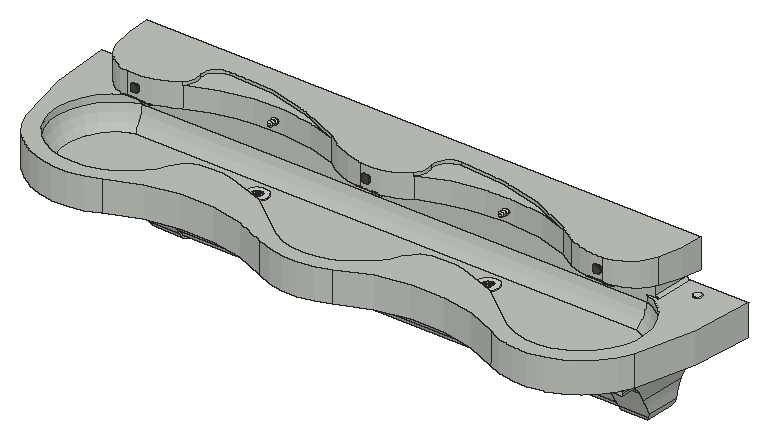
Revit family "Lavatory-Bradley_Corp-Express-MG3", category Plumbing Fixtures, Revit 2012
Parameters (values of type "TAS Pre-K 5-6 Height-BIR3-TMA")
  Width = 84.000"
  Water Supply = "Vernatherm Themostatic Mixing Assembly"
  Waste Connection Diameter = 1 1/2"
  Warranty Information = "Terreon® material warranted for ten years. All other components warranted for one year. ndite power management module and photovoltaic cells warranted for five years. This warranty does not cover installation or any other labor charges and does not apply to any units, which have been damaged by accident, abuse, improper installation, improper maintenance, or altered in any way."
  WFU = 0
  Voltage = 0 V
  Version = "2.0"
  Vent Connection = no
  URL = "http://www.bradleycorp.com/"
  Type Comments = "n/a"
  Technical Data = "n/a"
  Tap Material = Metal - Bradley Corp - Chrome
  Sprayhead = "Battery Operated Infrared"
  Specifications URL = "http://www.bradleycorp.com/3partspec"
  Solar Panel Visibility = no
  Soap Dispenser = yes
  Sensor Voltage = 0 V
  Sensor Power = 0 VA
  Rim Height = 30.000"
  Product Tech Data URL - Spanish = ""
  Product Tech Data URL - French = ""
  Product Tech Data URL - English = "http://bradleycorp.com/download/1067/1052.pdf"
  Power Factor = 0
  Percentage of Recycled Content = 0
  OmniClass Table 23 Title = "Sinks/Lavatories"
  OmniClass Table 23 Number = "23-31 13 00"
  OmniClass Table 21 Title = "Plumbing Fixtures"
  OmniClass Table 21 Number = "21-04 20 10 60"
  Number of Poles = 1
  Modeling Code = "n/a"
  Model = "MG-3"
  Material Note = "Other Terreon® colors available - see www.bradleycorp.com"
  MasterFormat Title = "Commerical Lavatories and Sinks"
  MasterFormat Number = "22 42 16"
  Manufacturer = "Bradley Corporation"
  Low Emitting Material = yes
  LEED Credit = ""
  Installation Type = "Wall Mounted"
  Industry Standards = "TAS, ANSI Z124.3, ANSI Z124.6, ANSI/ICPA SS-1-2001, UPC, GREENGUARD Indoor Air Quality Certified÷, GREENGUARD Children & Schools(SM)"
  Hot Water Radius = Hot Water Connection Diameter / 2  # 1/4"
  Hot Water Connection Diameter = 1/2"
  Height to Water Supply = 22.500"
  Height to Electrical Outlet = 20.500"
  Height to Bottom of Basin = 26.000"
  Height to Base = 14.000"
  Height = 35.500"
  Heater Voltage = 0 V
  Heater Power = 0 VA
  Heater Connector Placement = 38.000"
  Heater = "None"
  HWFU = 0
  Fire Rating = "n/a"
  Drain Radius = Waste Connection Diameter / 2  # 3/4"
  Description = "Express® Lavatory System - MG-Series"
  Depth = 22.000"
  Copyright = "This Model Data is Property of Bradley Corporation"
  Cold Water Radius = Cold Water Connection Diameter / 2  # 1/4"
  Cold Water Connection Diameter = 1/2"
  CWFU = 0
  Buy American Act = "To Be Determined"
  Button/Sensor Material = Plastic - Bradley Corp - Black
  Terreon® Bowl Material [instance] = Stone - Bradley Corp - Terreon - Empire Gray
  Assembly Code = "D2010400"
  Access Panel Material = Metal - Bradley Corp - Stainless Steel
  ADA Compliant = "No"
Reference planes
  plane 1 "Center (Front/Back)": y = -79.934
  plane 2: z = 0
  plane 3 "Center (Left/Right)": x = -5.5
  plane 4: z = 355.6
  plane 5: z = 660.4
  plane 6: z = 762
  plane 7: z = 901.7
  plane 8: x = 1061.3
  plane 9: x = -1072.3
  plane 10: y = 199.466
  plane 11: y = -359.334
  plane 12 "Soap Dispenser": z = 850.9
  plane 13: x = -390.487
  plane 14: x = 371.513
Forms (mm)
  Extrusion 1, solid, material "Stone - Bradley Corp - Terreon - Empire Gray" <- "Terreon® Bowl Material", detail levels medium+fine
    sketch origin (-475.917, -79.934, 762) x (0, -1, 0) y (-1, 0, 0)
      loop
        line (-279.4, 447.97) -> (-279.4, -1380.83)
        arc (-279.4, -1380.83) -> (-205.088, -1375.867) -> (-132.096, -1361.065) r 558.8
        arc (-132.096, -1361.065) -> (-68.373, -1320.295) -> (-39.139, -1250.523) r 127
        arc (-39.139, -1250.523) -> (-42.068, -1188.501) -> (-62.207, -1129.767) r 220.045
        arc (-62.207, -1129.767) -> (-82.106, -1098.978) -> (-100.596, -1067.323) r 812.8
        arc (-100.596, -1067.323) -> (-144.781, -827.572) -> (-83.868, -591.517) r 565.15
        arc (-83.868, -591.517) -> (-45.234, -527.842) -> (-37.849, -453.73) r 168.376
        arc (-37.849, -453.73) -> (-58.877, -375.266) -> (-100.515, -305.515) r 294.915
        arc (-100.515, -305.515) -> (-144.784, -65.656) -> (-83.849, 170.52) r 565.15
        arc (-83.849, 170.52) -> (-46.988, 239.684) -> (-39.139, 317.663) r 202.57
        arc (-39.139, 317.663) -> (-68.373, 387.435) -> (-132.096, 428.205) r 127
        arc (-132.096, 428.205) -> (-205.088, 443.007) -> (-279.4, 447.97) r 558.8
    from -28.501 to -139.7
  Extrusion 2, void
    sketch origin (-475.917, -79.934, 762) x (0, 1, 0) y (0, 0, 1)
      loop
        line (279.4, 44.45) -> (133.216, 57.239) -> (44.907, 64.965)
        arc (44.907, 64.965) -> (40.964, 66.478) -> (38.421, 69.85) r 7.666
        line (38.421, 69.85) -> (19.05, 69.85) -> (19.05, 12.7) -> (298.45, 12.7) -> (298.45, 44.45) -> (279.4, 44.45)
    from -596.383 to 1537.217
  Extrusion 3, solid, material "Stone - Bradley Corp - Terreon - Empire Gray" <- "Terreon® Bowl Material", detail levels medium+fine
    sketch origin (-475.917, -79.934, 762) x (1, 0, 0) y (0, 0, 1)
      loop
        arc (-392.914, 9.998) -> (-395.519, 3.248) -> (-401.985, 0) r 10.046
        line (-401.985, 0) -> (1342.819, 0)
        arc (1342.819, 0) -> (1336.354, 3.248) -> (1333.748, 9.998) r 10.046
        line (1333.748, 9.998) -> (1333.748, 47.601)
        arc (1333.748, 47.601) -> (1326.75, 53.008) -> (1318.162, 55.123) r 21.39
        line (1318.162, 55.123) -> (-377.328, 55.123)
        arc (-377.328, 55.123) -> (-385.916, 53.008) -> (-392.914, 47.601) r 21.39
        line (-392.914, 47.601) -> (-392.914, 9.998)
    from -279.4 to -151.943
  Extrusion 4, void
    sketch origin (0, 0, 0) x (1, 0, 0) y (0, 1, 0)
      loop
        arc (-587.234, 122.267) -> (-627.258, 100.874) -> (-634.212, 56.028) r 50.8
        arc (-634.212, 56.028) -> (-633.118, 28.281) -> (-646.438, 3.915) r 52.088
        arc (-646.438, 3.915) -> (-410.261, 64.85) -> (-170.402, 20.581) r 565.15
        arc (-170.402, 20.581) -> (-371.987, 99.425) -> (-587.234, 122.267) r 812.8
      loop
        arc (174.766, 122.242) -> (134.743, 100.849) -> (127.788, 56.003) r 50.8
        arc (127.788, 56.003) -> (128.887, 28.284) -> (115.6, 3.934) r 52.08
        arc (115.6, 3.934) -> (351.655, 64.847) -> (591.405, 20.663) r 565.15
        arc (591.405, 20.663) -> (389.906, 99.426) -> (174.766, 122.242) r 812.8
    from 892.495 to 901.7
  Extrusion 5, solid, material "Stone - Bradley Corp - Terreon - Empire Gray" <- "Terreon® Bowl Material", detail levels medium+fine
    sketch origin (-475.917, -79.934, 762) x (0, -1, 0) y (-1, 0, 0)
      loop
        arc (108.813, 532.979) -> (-82.687, 580.434) -> (-279.333, 596.38) r 1219.197
        line (-279.333, 596.38) -> (-279.333, -1537.224)
        arc (-279.333, -1537.224) -> (-82.719, -1521.266) -> (108.749, -1473.81) r 1219.208
        arc (108.749, -1473.81) -> (261.748, -1324.895) -> (249.639, -1111.734) r 257.294
        arc (249.639, -1111.734) -> (185.302, -851.394) -> (249.66, -591.059) r 558.81
        arc (249.66, -591.059) -> (279.489, -470.397) -> (249.669, -349.733) r 258.998
        arc (249.669, -349.733) -> (185.331, -89.416) -> (249.67, 170.901) r 558.796
        arc (249.67, 170.901) -> (261.789, 384.053) -> (108.813, 532.979) r 257.302
      loop
        line (-151.943, 360.897) -> (-151.943, -1305.59)
        arc (-151.943, -1305.59) -> (-19.827, -1428.33) -> (156.148, -1388.934) r 193.61
        arc (156.148, -1388.934) -> (226.544, -1263.553) -> (198.339, -1122.556) r 207.109
        arc (198.339, -1122.556) -> (136.518, -1049.467) -> (82.386, -970.515) r 947.772
        arc (82.386, -970.515) -> (60.441, -911.161) -> (41.192, -850.879) r 1404.111
        arc (41.192, -850.879) -> (32.041, -797.801) -> (35.319, -744.039) r 233.061
        arc (35.319, -744.039) -> (44.556, -721.872) -> (59.804, -703.319) r 82.226
        arc (59.804, -703.319) -> (84.534, -686.818) -> (111.16, -673.591) r 233.594
        arc (111.16, -673.591) -> (160.111, -632.443) -> (198.339, -581.178) r 277.383
        arc (198.339, -581.178) -> (227.991, -470.867) -> (198.339, -360.556) r 220.012
        arc (198.339, -360.556) -> (136.518, -287.467) -> (82.386, -208.515) r 947.772
        arc (82.386, -208.515) -> (60.441, -149.161) -> (41.192, -88.879) r 1404.111
        arc (41.192, -88.879) -> (31.925, -33.47) -> (36.185, 22.548) r 233.061
        arc (36.185, 22.548) -> (45.937, 43.312) -> (61.62, 60.053) r 73.428
        arc (61.62, 60.053) -> (89.804, 78.142) -> (120.286, 92.015) r 233.594
        arc (120.286, 92.015) -> (144.316, 112.152) -> (166.854, 133.946) r 440.707
        arc (166.854, 133.946) -> (213.457, 206.703) -> (228.572, 291.773) r 220.809
        arc (228.572, 291.773) -> (219.457, 350.074) -> (195.226, 403.879) r 220.809
        arc (195.226, 403.879) -> (7.914, 493.261) -> (-151.943, 360.897) r 192.78
    from 0 to 101.6
  Extrusion 6, solid, material "Stone - Bradley Corp - Terreon - Empire Gray" <- "Terreon® Bowl Material", detail levels medium+fine
    sketch origin (-475.917, -79.934, 762) x (0, -1, 0) y (-1, 0, 0)
      loop
        arc (108.813, 532.979) -> (-82.687, 580.434) -> (-279.333, 596.38) r 1219.197
        line (-279.333, 596.38) -> (-279.333, -1537.224)
        arc (-279.333, -1537.224) -> (-82.719, -1521.266) -> (108.749, -1473.81) r 1219.208
        arc (108.749, -1473.81) -> (261.748, -1324.895) -> (249.639, -1111.734) r 257.294
        arc (249.639, -1111.734) -> (185.302, -851.394) -> (249.66, -591.059) r 558.81
        arc (249.66, -591.059) -> (279.489, -470.397) -> (249.669, -349.733) r 258.998
        arc (249.669, -349.733) -> (185.331, -89.416) -> (249.67, 170.901) r 558.796
        arc (249.67, 170.901) -> (261.789, 384.053) -> (108.813, 532.979) r 257.302
    from 92.704 to 101.6
  Sweep 7, solid, material "Stone - Bradley Corp - Terreon - Empire Gray" <- "Terreon® Bowl Material", detail levels medium+fine
    path origin (-475.917, -79.934, 762) x (0, -1, 0) y (1, 0, 0)
      loop
        arc (-151.943, -360.897) -> (7.914, -493.261) -> (195.226, -403.879) r 192.78
        arc (195.226, -403.879) -> (219.457, -350.074) -> (228.572, -291.773) r 220.809
        arc (228.572, -291.773) -> (213.457, -206.703) -> (166.854, -133.946) r 220.809
        arc (166.854, -133.946) -> (144.316, -112.152) -> (120.286, -92.015) r 440.707
        arc (120.286, -92.015) -> (89.804, -78.142) -> (61.62, -60.053) r 233.594
        arc (61.62, -60.053) -> (45.937, -43.312) -> (36.185, -22.548) r 73.428
        arc (36.185, -22.548) -> (31.925, 33.47) -> (41.192, 88.879) r 233.061
        arc (41.192, 88.879) -> (60.441, 149.161) -> (82.386, 208.515) r 1404.111
        arc (82.386, 208.515) -> (136.518, 287.467) -> (198.339, 360.556) r 947.772
        arc (198.339, 360.556) -> (227.991, 470.867) -> (198.339, 581.178) r 220.012
        arc (198.339, 581.178) -> (160.111, 632.443) -> (111.16, 673.591) r 277.383
        arc (111.16, 673.591) -> (84.534, 686.818) -> (59.804, 703.319) r 233.594
        arc (59.804, 703.319) -> (44.556, 721.872) -> (35.319, 744.039) r 82.226
        arc (35.319, 744.039) -> (32.041, 797.801) -> (41.192, 850.879) r 233.061
        arc (41.192, 850.879) -> (60.441, 911.161) -> (82.386, 970.515) r 1404.111
        arc (82.386, 970.515) -> (136.518, 1049.467) -> (198.339, 1122.556) r 947.772
        arc (198.339, 1122.556) -> (226.544, 1263.553) -> (156.148, 1388.934) r 207.109
        arc (156.148, 1388.934) -> (-19.827, 1428.33) -> (-151.943, 1305.59) r 193.61
        line (-151.943, 1305.59) -> (-151.943, -360.897)
    profile origin (-969.178, -87.848, 762) x (0.992423, -0.122871, 0) y (0, 0, 1)
      loop
        arc (42.63, -101.6) -> (9.779, -55.449) -> (-1.82, 0) r 138.339
        line (-1.82, 0) -> (-1.82, -101.6) -> (42.63, -101.6)
  Extrusion 8, solid, material "Stone - Bradley Corp - Terreon - Empire Gray" <- "Terreon® Bowl Material", detail levels medium+fine
    sketch origin (-475.917, -79.934, 762) x (1, 0, 0) y (0, 0, 1)
      loop
        line (-523.455, -100.927) -> (-523.455, -107.277)
        arc (-523.455, -107.277) -> (-521.595, -111.767) -> (-517.105, -113.627) r 6.35
        line (-517.105, -113.627) -> (-503.299, -113.627) -> (-313.263, -113.627) -> (1254.098, -113.627) -> (1444.134, -113.627) -> (1457.939, -113.627)
        arc (1457.939, -113.627) -> (1462.429, -111.767) -> (1464.289, -107.277) r 6.35
        line (1464.289, -107.277) -> (1464.289, -100.927) -> (-523.455, -100.927)
    from -279.4 to 146.05
  Extrusion 9, solid, material "Stone - Bradley Corp - Terreon - Empire Gray" <- "Terreon® Bowl Material", detail levels medium+fine
    sketch origin (-475.917, -79.934, 762) x (0, -1, 0) y (0, 0, 1)
      loop
        line (-279.4, -406.4) -> (-215.779, -406.4)
        arc (-215.779, -406.4) -> (-191.356, -397.028) -> (-173.518, -377.894) r 58.119
        arc (-173.518, -377.894) -> (-132.072, -309.506) -> (-79.839, -248.957) r 479.525
        arc (-79.839, -248.957) -> (-17.803, -198.331) -> (52.376, -159.777) r 440.296
        arc (52.376, -159.777) -> (77.14, -149.376) -> (102.178, -139.655) r 982.839
        arc (102.178, -139.655) -> (114.516, -127.943) -> (123.696, -113.621) r 70.622
        line (123.696, -113.621) -> (-279.4, -113.621) -> (-279.4, -406.4)
    from 253.459 to 504.628
  Extrusion 10, void
    sketch origin (0, -79.934, 0) x (1, 0, 0) y (0, 0, 1)
      loop
        line (-972.107, 648.379) -> (-1022.907, 648.379) -> (-1022.907, 355.6) -> (-785.891, 355.6)
        arc (-785.891, 355.6) -> (-796.971, 357.695) -> (-807.328, 362.154) r 51.435
        arc (-807.328, 362.154) -> (-823.881, 376.793) -> (-833.118, 396.867) r 53.572
        arc (-833.118, 396.867) -> (-838.748, 430.433) -> (-848.268, 463.11) r 290.363
        arc (-848.268, 463.11) -> (-875.565, 524.784) -> (-911.722, 581.717) r 452.699
        line (-911.722, 581.717) -> (-972.107, 648.379)
    from -279.4 to 279.4
  Extrusion 11, solid, material "Stone - Bradley Corp - Terreon - Empire Gray" <- "Terreon® Bowl Material", detail levels medium+fine
    sketch origin (464.917, -79.934, 850.9) x (0, -1, 0) y (0, 0, -1)
      loop
        line (-279.4, 495.3) -> (-279.4, 202.521) -> (123.696, 202.521)
        arc (123.696, 202.521) -> (114.516, 216.843) -> (102.178, 228.555) r 70.622
        arc (102.178, 228.555) -> (77.14, 238.276) -> (52.376, 248.677) r 982.839
        arc (52.376, 248.677) -> (-17.803, 287.231) -> (-79.839, 337.857) r 440.296
        arc (-79.839, 337.857) -> (-132.072, 398.406) -> (-173.518, 466.794) r 479.525
        arc (-173.518, 466.794) -> (-191.356, 485.928) -> (-215.779, 495.3) r 58.119
        line (-215.779, 495.3) -> (-279.4, 495.3)
    from 253.459 to 504.628
  Extrusion 12, void
    sketch origin (-11, -79.934, 0) x (-1, 0, 0) y (0, 0, -1)
      loop
        line (-972.107, -648.379) -> (-911.722, -581.717)
        arc (-911.722, -581.717) -> (-875.565, -524.784) -> (-848.268, -463.11) r 452.699
        arc (-848.268, -463.11) -> (-838.748, -430.433) -> (-833.118, -396.867) r 290.363
        arc (-833.118, -396.867) -> (-823.881, -376.793) -> (-807.328, -362.154) r 53.572
        arc (-807.328, -362.154) -> (-796.971, -357.695) -> (-785.891, -355.6) r 51.435
        line (-785.891, -355.6) -> (-1022.907, -355.6) -> (-1022.907, -648.379) -> (-972.107, -648.379)
    from -279.4 to 279.4
  Extrusion 13, solid, material "Metal - Bradley Corp - Stainless Steel" <- "Access Panel Material", detail levels medium+fine
    sketch origin (-475.917, -79.934, 762) x (0, -1, 0) y (0, 0, 1)
      loop
        arc (-83.395, -245.329) -> (-20.644, -194.119) -> (50.345, -155.12) r 445.376
        arc (50.345, -155.12) -> (58.511, -151.602) -> (66.707, -148.158) r 987.919
        arc (66.707, -148.158) -> (96.682, -137.322) -> (118.001, -113.627) r 65.542
        line (118.001, -113.627) -> (-279.4, -113.627) -> (-279.4, -401.32) -> (-231.57, -401.32)
        arc (-231.57, -401.32) -> (-198.079, -395.199) -> (-175.209, -369.979) r 53.039
        arc (-175.209, -369.979) -> (-134.312, -303.964) -> (-83.395, -245.329) r 484.605
    from -1194.293 to 253.459
  Extrusion 14, solid, material "Plastic - Bradley Corp - Black" <- "Button/Sensor Material", detail levels fine
    sketch origin (-475.917, -79.934, 762) x (1, 0, 0) y (0, 0, 1)
      loop
        line (-278.883, 96.171) -> (-278.883, 105.315)
        arc (-278.883, 105.315) -> (-281.264, 111.063) -> (-287.011, 113.443) r 8.128
        line (-287.011, 113.443) -> (-296.155, 113.443)
        arc (-296.155, 113.443) -> (-301.902, 111.063) -> (-304.283, 105.315) r 8.128
        line (-304.283, 105.315) -> (-304.283, 96.171)
        arc (-304.283, 96.171) -> (-301.902, 90.424) -> (-296.155, 88.043) r 8.128
        line (-296.155, 88.043) -> (-287.011, 88.043)
        arc (-287.011, 88.043) -> (-281.264, 90.424) -> (-278.883, 96.171) r 8.128
      loop
        arc (474.989, 88.043) -> (480.736, 90.424) -> (483.117, 96.171) r 8.128
        line (483.117, 96.171) -> (483.117, 105.315)
        arc (483.117, 105.315) -> (480.736, 111.063) -> (474.989, 113.443) r 8.128
        line (474.989, 113.443) -> (465.845, 113.443)
        arc (465.845, 113.443) -> (460.098, 111.063) -> (457.717, 105.315) r 8.128
        line (457.717, 105.315) -> (457.717, 96.171)
        arc (457.717, 96.171) -> (460.098, 90.424) -> (465.845, 88.043) r 8.128
        line (465.845, 88.043) -> (474.989, 88.043)
      loop
        line (1245.117, 96.171) -> (1245.117, 105.315)
        arc (1245.117, 105.315) -> (1242.736, 111.063) -> (1236.989, 113.443) r 8.128
        line (1236.989, 113.443) -> (1227.845, 113.443)
        arc (1227.845, 113.443) -> (1222.098, 111.063) -> (1219.717, 105.315) r 8.128
        line (1219.717, 105.315) -> (1219.717, 96.171)
        arc (1219.717, 96.171) -> (1222.098, 90.424) -> (1227.845, 88.043) r 8.128
        line (1227.845, 88.043) -> (1236.989, 88.043)
        arc (1236.989, 88.043) -> (1242.736, 90.424) -> (1245.117, 96.171) r 8.128
    from -37.132 to -34.426
  Extrusion 15, solid, material "Plastic - Bradley Corp - Black" <- "Button/Sensor Material", visible <- "Solar Panel Visibility"
    sketch origin (0, 0, 0) x (1, 0, 0) y (0, 1, 0)
      loop
        line (-780.201, 193.116) -> (-780.201, 135.845) -> (-272.2, 135.845) -> (-272.2, 193.116) -> (-780.201, 193.116)
      loop
        line (769.201, 135.845) -> (769.201, 193.116) -> (261.2, 193.116) -> (261.2, 135.845) -> (769.201, 135.845)
      loop
        line (248.5, 193.116) -> (-259.5, 193.116) -> (-259.5, 135.845) -> (248.5, 135.845) -> (248.5, 193.116)
    from 907.999 to 901.7
  Revolve 16, solid, material "Metal - Bradley Corp - Chrome" <- "Tap Material", detail levels fine
    sketch origin (-767.515, -79.934, 791.596) x (0, 0, 1) y (0, -1, 0)
      loop
        arc (-1.095, -91.115) -> (-1.805, -92.04) -> (-1.652, -93.197) r 1.524
        line (-1.652, -93.197) -> (26.829, -142.527) -> (44.341, -132.417) -> (11.206, -75.025) -> (-0.673, -81.883) -> (3.219, -88.624) -> (-1.095, -91.115)
      axis (44.341, -132.417) -> (11.206, -75.025)
    angle from 0 to 360
  Revolve 17, solid, material "Metal - Bradley Corp - Chrome" <- "Tap Material", detail levels fine
    sketch origin (-5.5, -79.934, 791.597) x (0, 0, 1) y (0, -1, 0)
      loop
        line (-1.654, -93.197) -> (26.827, -142.527) -> (44.34, -132.417) -> (11.204, -75.025) -> (-0.674, -81.883) -> (3.218, -88.624) -> (-1.096, -91.115)
        arc (-1.096, -91.115) -> (-1.806, -92.04) -> (-1.654, -93.197) r 1.524
      axis (44.34, -132.417) -> (11.204, -75.025)
    angle from 0 to 360
  Revolve 18, solid, material "Metal - Bradley Corp - Chrome" <- "Tap Material", detail levels fine
    sketch origin (756.485, -79.934, 791.174) x (0, 0, 1) y (0, -1, 0)
      loop
        line (-1.231, -93.197) -> (27.251, -142.527) -> (44.763, -132.417) -> (11.627, -75.025) -> (-0.251, -81.883) -> (3.641, -88.624) -> (-0.673, -91.115)
        arc (-0.673, -91.115) -> (-1.383, -92.04) -> (-1.231, -93.197) r 1.524
      axis (44.763, -132.417) -> (11.627, -75.025)
    angle from 0 to 360
  Extrusion 19, solid, material "Metal - Bradley Corp - Chrome" <- "Tap Material", detail levels fine
    sketch origin (0, 0, 0) x (1, 0, 0) y (0, 1, 0)
      loop
        circle (-386.5, -16.434) r 34.163
      loop
        circle (-386.5, -16.434) r 2.769
      loop
        line (-381.221, -27.715) -> (-385.229, -28.455) -> (-384.532, -32.153) -> (-380.548, -31.413) -> (-381.221, -27.715)
      loop
        line (-392.006, -31.951) -> (-387.991, -31.702) -> (-388.223, -27.908) -> (-392.261, -28.178) -> (-392.006, -31.951)
      loop
        line (-398.336, -28.27) -> (-394.435, -28.284) -> (-394.421, -24.355) -> (-398.35, -24.368) -> (-398.336, -28.27)
      loop
        line (-402.017, -21.94) -> (-398.244, -22.195) -> (-397.975, -18.156) -> (-401.768, -17.924) -> (-402.017, -21.94)
      loop
        line (-398.52, -15.161) -> (-397.782, -11.153) -> (-401.48, -10.482) -> (-402.219, -14.465) -> (-398.52, -15.161)
      loop
        line (-399.046, -7.298) -> (-395.812, -9.265) -> (-393.719, -5.786) -> (-396.952, -3.847) -> (-399.046, -7.298)
      loop
        line (-391.989, -4.978) -> (-387.934, -4.644) -> (-388.262, -0.884) -> (-392.291, -1.227) -> (-391.989, -4.978)
      loop
        line (-385.241, -4.393) -> (-381.239, -5.166) -> (-380.536, -1.474) -> (-384.513, -0.701) -> (-385.241, -4.393)
      loop
        line (-377.895, -4.097) -> (-379.13, -7.727) -> (-375.317, -8.997) -> (-374.114, -5.383) -> (-377.895, -4.097)
      loop
        line (-371.521, -10.482) -> (-375.219, -11.154) -> (-374.479, -15.162) -> (-370.781, -14.465) -> (-371.521, -10.482)
      loop
        line (-371.232, -17.925) -> (-375.026, -18.156) -> (-374.757, -22.195) -> (-370.983, -21.94) -> (-371.232, -17.925)
      loop
        line (-375.295, -23.883) -> (-379.119, -25.117) -> (-377.918, -28.758) -> (-374.126, -27.51) -> (-375.295, -23.883)
      loop
        line (-381.128, -18.05) -> (-377.309, -18.713) -> (-376.632, -14.819) -> (-380.45, -14.153) -> (-381.128, -18.05)
      loop
        line (-388.133, -11.05) -> (-384.232, -10.401) -> (-384.868, -6.578) -> (-388.767, -7.225) -> (-388.133, -11.05)
      loop
        line (-396.354, -18.069) -> (-392.531, -18.7) -> (-391.887, -14.798) -> (-395.712, -14.169) -> (-396.354, -18.069)
      loop
        line (-388.766, -22.463) -> (-388.136, -26.288) -> (-384.235, -25.646) -> (-384.864, -21.821) -> (-388.766, -22.463)
      loop
        circle (375.5, -16.434) r 34.163
      loop
        circle (375.5, -16.434) r 2.769
      loop
        line (373.738, -0.884) -> (369.709, -1.227) -> (370.011, -4.978) -> (374.066, -4.644) -> (373.738, -0.884)
      loop
        line (376.759, -4.393) -> (380.761, -5.166) -> (381.464, -1.474) -> (377.487, -0.701) -> (376.759, -4.393)
      loop
        line (384.105, -4.097) -> (382.87, -7.727) -> (386.683, -8.997) -> (387.886, -5.383) -> (384.105, -4.097)
      loop
        line (387.521, -15.162) -> (391.219, -14.465) -> (390.479, -10.482) -> (386.781, -11.154) -> (387.521, -15.162)
      loop
        line (391.017, -21.94) -> (390.768, -17.925) -> (386.974, -18.156) -> (387.243, -22.195) -> (391.017, -21.94)
      loop
        line (384.082, -28.758) -> (387.874, -27.51) -> (386.705, -23.883) -> (382.881, -25.117) -> (384.082, -28.758)
      loop
        line (381.452, -31.413) -> (380.779, -27.715) -> (376.771, -28.455) -> (377.468, -32.153) -> (381.452, -31.413)
      loop
        line (369.994, -31.951) -> (374.009, -31.702) -> (373.777, -27.908) -> (369.739, -28.178) -> (369.994, -31.951)
      loop
        line (363.664, -28.27) -> (367.565, -28.284) -> (367.579, -24.355) -> (363.65, -24.368) -> (363.664, -28.27)
      loop
        line (359.983, -21.94) -> (363.756, -22.195) -> (364.025, -18.156) -> (360.232, -17.924) -> (359.983, -21.94)
      loop
        line (363.48, -15.161) -> (364.218, -11.153) -> (360.52, -10.482) -> (359.781, -14.465) -> (363.48, -15.161)
      loop
        line (365.048, -3.847) -> (362.954, -7.298) -> (366.188, -9.265) -> (368.281, -5.786) -> (365.048, -3.847)
      loop
        line (373.233, -7.225) -> (373.867, -11.05) -> (377.768, -10.401) -> (377.132, -6.578) -> (373.233, -7.225)
      loop
        line (369.469, -18.7) -> (370.113, -14.798) -> (366.288, -14.169) -> (365.646, -18.069) -> (369.469, -18.7)
      loop
        line (373.234, -22.463) -> (373.864, -26.288) -> (377.765, -25.646) -> (377.136, -21.821) -> (373.234, -22.463)
      loop
        line (380.872, -18.05) -> (384.691, -18.713) -> (385.368, -14.819) -> (381.55, -14.153) -> (380.872, -18.05)
    from 671.8 to 669.296
  Extrusion 20, void
    sketch origin (756.515, -79.934, 880.496) x (0, 0, 1) y (-1, 0, 0)
      loop
        circle (-308.996, 863.615) r 6.35
    from -279.4 to -274.068
  Extrusion 21, void
    sketch origin (756.515, -79.934, 880.496) x (0, 0, 1) y (-1, 0, 0)
      loop
        circle (-308.996, 692.165) r 19.05
    from -279.4 to -274.068
  Extrusion 22, void
    sketch origin (756.515, -79.934, 880.496) x (0, 0, 1) y (-1, 0, 0)
      loop
        circle (-359.796, 457.215) r 31.75
    from -279.4 to -274.068
  Extrusion 23, void
    sketch origin (756.515, -79.934, 880.496) x (0, 0, 1) y (-1, 0, 0)
      loop
        circle (-359.796, 533.415) r 31.75
    from -279.4 to -274.068
  Extrusion 24, void
    sketch origin (-767.515, -79.934, 791.596) x (0, 0, 1) y (-1, 0, 0)
      loop
        circle (-220.096, -558.815) r 6.35
    from -279.4 to -273.05
  Extrusion 25, solid, material "Stone - Bradley Corp - Terreon - Empire Gray" <- "Terreon® Bowl Material", detail levels coarse
    sketch origin (-475.917, -79.934, 762) x (0, -1, 0) y (-1, 0, 0)
      loop
        line (-279.4, 596.383) -> (-279.4, -1537.217) -> (279.4, -1537.217) -> (279.4, 596.383) -> (-279.4, 596.383)
      loop
        line (-151.943, 496.184) -> (-151.943, -1437.018) -> (235.936, -1437.018) -> (235.936, 496.184) -> (-151.943, 496.184)
    from 0 to 101.6
  Extrusion 26, solid, material "Stone - Bradley Corp - Terreon - Empire Gray" <- "Terreon® Bowl Material", detail levels coarse
    sketch origin (-475.917, -79.934, 762) x (0, -1, 0) y (-1, 0, 0)
      loop
        line (-279.4, 596.383) -> (-279.4, -1537.217) -> (279.4, -1537.217) -> (279.4, 596.383) -> (-279.4, 596.383)
    from 92.704 to 101.6
  Extrusion 27, solid, material "Stone - Bradley Corp - Terreon - Empire Gray" <- "Terreon® Bowl Material", detail levels coarse
    sketch origin (-475.917, -79.934, 762) x (0, -1, 0) y (0, 0, 1)
      loop
        line (-151.943, 0) -> (-151.943, 60.183) -> (-279.4, 60.183) -> (-279.4, 0) -> (-151.943, 0)
    from -1333.748 to 392.914
  Extrusion 28, solid, material "Stone - Bradley Corp - Terreon - Empire Gray" <- "Terreon® Bowl Material", detail levels coarse
    sketch origin (-475.917, -79.934, 762) x (0, -1, 0) y (0, 0, 1)
      loop
        line (-279.4, 139.7) -> (-279.4, 44.45) -> (-38.1, 44.45) -> (-38.1, 139.7) -> (-279.4, 139.7)
    from -1380.83 to 447.97
  Extrusion 29, solid, material "Stone - Bradley Corp - Terreon - Empire Gray" <- "Terreon® Bowl Material", detail levels coarse
    sketch origin (-475.917, -79.934, 762) x (0, -1, 0) y (0, 0, 1)
      loop
        line (145.253, -101.6) -> (-279.4, -101.6) -> (-279.4, -406.4) -> (-215.779, -406.4) -> (145.253, -101.6)
    from -1437.018 to 496.184
  Revolve 30, solid, material "Metal - Bradley Corp - Chrome" <- "Tap Material", visible <- "Soap Dispenser", detail levels fine
    sketch origin (0, 0, 850.9) x (-1, 0, 0) y (0, -1, 0)
      loop
        line (400.153, -65.196) -> (400.153, -60.391)
        arc (400.153, -60.391) -> (399.486, -58.782) -> (397.877, -58.115) r 2.276
        line (397.877, -58.115) -> (394.203, -58.115) -> (394.203, -51.765) -> (398.047, -51.765) -> (398.047, -42.043)
        arc (398.047, -42.043) -> (397.356, -40.375) -> (395.688, -39.684) r 2.359
        line (395.688, -39.684) -> (390.487, -39.684) -> (390.487, -65.196) -> (400.153, -65.196)
      axis (390.487, -65.196) -> (390.487, -39.684)
    angle from 0 to 360
  Revolve 31, solid, material "Metal - Bradley Corp - Chrome" <- "Tap Material", visible <- "Soap Dispenser", detail levels fine
    sketch origin (0, 0, 850.9) x (-1, 0, 0) y (0, -1, 0)
      loop
        line (-361.847, -64.957) -> (-361.847, -60.152)
        arc (-361.847, -60.152) -> (-362.514, -58.543) -> (-364.123, -57.876) r 2.276
        line (-364.123, -57.876) -> (-367.797, -57.876) -> (-367.797, -51.526) -> (-363.953, -51.526) -> (-363.953, -41.804)
        arc (-363.953, -41.804) -> (-364.644, -40.136) -> (-366.312, -39.445) r 2.359
        line (-366.312, -39.445) -> (-371.513, -39.445) -> (-371.513, -64.957) -> (-361.847, -64.957)
      axis (-371.513, -39.445) -> (-371.513, -64.957)
    angle from 0 to 360
  Extrusion 32, solid, material "Metal - Bradley Corp - Chrome" <- "Tap Material", visible <- "Soap Dispenser", detail levels fine
    sketch origin (-475.917, -79.934, 762) x (0, -1, 0) y (1, 0, 0)
      loop
        circle (-228.6, 1410.217) r 12.7
    from 0 to 1.6
Cuts and joins
  Extrusion 2, Extrusion 4, Extrusion 20, Extrusion 21, Extrusion 22, Extrusion 23 cuts Extrusion 1
  Extrusion 20, Extrusion 21, Extrusion 22, Extrusion 23 cuts Extrusion 3
  Extrusion 20, Extrusion 21, Extrusion 22, Extrusion 23 cuts Extrusion 5
  Extrusion 20, Extrusion 21, Extrusion 22, Extrusion 23 cuts Extrusion 6
  Extrusion 20, Extrusion 21, Extrusion 22, Extrusion 23 cuts Sweep 7
  Extrusion 20, Extrusion 21, Extrusion 22, Extrusion 23 cuts Extrusion 8
  Extrusion 10, Extrusion 12, Extrusion 20, Extrusion 21, Extrusion 22, Extrusion 23 cuts Extrusion 9
  Extrusion 12, Extrusion 20, Extrusion 21, Extrusion 22, Extrusion 23 cuts Extrusion 11
  joined: Extrusion 1, Extrusion 3, Extrusion 5, Extrusion 6, Sweep 7, Extrusion 8, Extrusion 9, Extrusion 11
  joined: Extrusion 25, Extrusion 26, Extrusion 27, Extrusion 28, Extrusion 29
Lines and regions (mm)
  Masking region 1, detail levels coarse
    outline origin (0, 0, 0) x (1, 0, 0) y (0, 1, 0)
      loop
        line (-1072.3, 199.466) -> (-1072.3, -359.334) -> (1061.3, -359.334) -> (1061.3, 199.466) -> (-1072.3, 199.466)
  Masking region 2, detail levels medium+fine
    outline origin (0, 0, 0) x (1, 0, 0) y (0, 1, 0)
      loop
        arc (-1008.896, -188.753) -> (-859.969, -341.725) -> (-646.82, -329.604) r 257.302
        arc (-646.82, -329.604) -> (-386.503, -265.264) -> (-126.185, -329.601) r 558.797
        arc (-126.185, -329.601) -> (-5.521, -359.421) -> (115.14, -329.591) r 258.996
        arc (115.14, -329.591) -> (375.474, -265.231) -> (635.815, -329.566) r 558.812
        arc (635.815, -329.566) -> (848.981, -341.672) -> (997.892, -188.663) r 257.294
        arc (997.892, -188.663) -> (1045.352, 2.812) -> (1061.311, 199.434) r 1219.213
        line (1061.311, 199.434) -> (-1072.296, 199.434)
        arc (-1072.296, 199.434) -> (-1056.353, 2.767) -> (-1008.896, -188.753) r 1219.195
  Masking region 3, detail levels coarse
    outline origin (756.485, -79.934, 791.174) x (0, 0, 1) y (0, -1, 0)
      loop
        line (-435.574, -215.779) -> (-435.574, -279.4) -> (110.526, -279.4) -> (110.526, -38.1) -> (15.276, -38.1) -> (15.276, -151.943) -> (-29.174, -151.943) -> (-29.174, 279.4) -> (-130.774, 279.4) -> (-130.774, 145.253) -> (-435.574, -215.779)
  Masking region 4, detail levels medium+fine
    outline origin (756.485, -79.934, 791.174) x (0, 0, 1) y (0, -1, 0)
      loop
        line (-435.574, -215.779) -> (-435.574, -279.4) -> (110.526, -279.4) -> (110.526, -36.563) -> (40.676, -36.563) -> (40.676, -38.421)
        arc (40.676, -38.421) -> (37.304, -40.964) -> (35.791, -44.907) r 7.666
        line (35.791, -44.907) -> (26.427, -151.943) -> (-29.174, -151.943) -> (-29.174, 279.4) -> (-130.774, 279.4) -> (-130.774, 146.05) -> (-142.795, 146.05) -> (-142.795, 123.696)
        arc (-142.795, 123.696) -> (-157.118, 114.516) -> (-168.83, 102.178) r 70.622
        arc (-168.83, 102.178) -> (-178.55, 77.14) -> (-188.951, 52.376) r 982.839
        arc (-188.951, 52.376) -> (-227.505, -17.803) -> (-278.131, -79.839) r 440.296
        arc (-278.131, -79.839) -> (-338.681, -132.072) -> (-407.068, -173.518) r 479.525
        arc (-407.068, -173.518) -> (-426.202, -191.356) -> (-435.574, -215.779) r 58.119
  Masking region 5, detail levels fine
    outline origin (756.485, -79.934, 791.174) x (0, 0, 1) y (0, -1, 0)
      loop
        line (-0.251, -81.883) -> (3.641, -88.624) -> (-0.387, -90.949)
        arc (-0.387, -90.949) -> (-1.192, -91.84) -> (-1.324, -93.034) r 1.955
        line (-1.324, -93.034) -> (27.251, -142.527) -> (33.374, -72.535)
        arc (33.374, -72.535) -> (32.442, -72.285) -> (31.509, -72.535) r 1.865
        line (31.509, -72.535) -> (27.398, -74.908) -> (23.506, -68.167) -> (-0.251, -81.883)
  Masking region 6, detail levels coarse
    outline origin (-767.515, -79.934, 791.596) x (0, 0, 1) y (-1, 0, 0)
      loop
        line (110.104, 156.372) -> (14.854, 156.372) -> (14.854, 101.316) -> (-29.596, 101.316) -> (-29.596, 304.782) -> (-131.196, 304.782) -> (-131.196, 204.586) -> (-435.996, 204.586) -> (-435.996, -1728.616) -> (-131.196, -1728.616) -> (-131.196, -1828.815) -> (-29.596, -1828.815) -> (-29.596, -1625.346) -> (14.854, -1625.346) -> (14.854, -1672.428) -> (110.104, -1672.428) -> (110.104, 156.372)
  Masking region 7, detail levels medium+fine
    outline origin (-767.515, -79.934, 791.596) x (0, 0, 1) y (-1, 0, 0)
      loop
        line (-435.996, 18.376) -> (-435.996, -1542.406)
        arc (-435.996, -1542.406) -> (-433.901, -1553.486) -> (-429.442, -1563.843) r 51.435
        arc (-429.442, -1563.843) -> (-414.803, -1580.396) -> (-394.729, -1589.632) r 53.572
        arc (-394.729, -1589.632) -> (-361.163, -1595.263) -> (-328.486, -1604.783) r 290.363
        arc (-328.486, -1604.783) -> (-266.812, -1632.08) -> (-209.879, -1668.237) r 452.699
        line (-209.879, -1668.237) -> (-143.223, -1728.616) -> (-143.223, -1749.537)
        arc (-143.223, -1749.537) -> (-141.363, -1754.027) -> (-136.873, -1755.887) r 6.35
        line (-136.873, -1755.887) -> (-131.196, -1755.887) -> (-131.196, -1828.812) -> (-29.596, -1828.812) -> (-29.596, -1634.417)
        arc (-29.596, -1634.417) -> (-26.348, -1627.951) -> (-19.598, -1625.346) r 10.046
        line (-19.598, -1625.346) -> (14.854, -1625.346) -> (14.854, -1680.402) -> (110.104, -1680.402) -> (110.104, 156.372) -> (14.854, 156.372) -> (14.854, 101.316) -> (-19.598, 101.316)
        arc (-19.598, 101.316) -> (-26.348, 103.922) -> (-29.596, 110.387) r 10.046
        line (-29.596, 110.387) -> (-29.596, 304.782) -> (-131.196, 304.782) -> (-131.196, 231.857) -> (-136.873, 231.857)
        arc (-136.873, 231.857) -> (-141.363, 229.997) -> (-143.223, 225.507) r 6.35
        line (-143.223, 225.507) -> (-143.223, 204.586) -> (-209.879, 144.207)
        arc (-209.879, 144.207) -> (-266.812, 108.05) -> (-328.486, 80.753) r 452.699
        arc (-328.486, 80.753) -> (-361.163, 71.233) -> (-394.729, 65.602) r 290.363
        arc (-394.729, 65.602) -> (-414.803, 56.366) -> (-429.442, 39.813) r 53.572
        arc (-429.442, 39.813) -> (-433.901, 29.456) -> (-435.996, 18.376) r 51.435
  reference lines
    curve 1: line (-475.917, -79.934, 762) -> (413.083, -79.934, 762)
    curve 2: line (-767.515, -79.934, 791.596) -> (-767.515, -79.934, 826.85)
    curve 3: line (-5.5, -79.934, 791.597) -> (-5.5, -79.934, 827.727)
    curve 4: line (756.485, -79.934, 791.174) -> (756.485, -79.934, 826.85)
  symbolic lines, detail levels coarse
    curve 5: line (-923.887, 199.466, 0) -> (-923.887, -41.834, 0)
    curve 6: line (-923.887, -41.834, 0) -> (904.913, -41.834, 0)
    curve 7: line (904.913, -41.834, 0) -> (904.913, 199.466, 0)
    curve 8: line (-972.101, 72.009, 0) -> (-972.101, -315.87, 0)
    curve 9: line (-972.101, -315.87, 0) -> (961.101, -315.87, 0)
    curve 10: line (961.101, -315.87, 0) -> (961.101, 72.009, 0)
    curve 11: line (961.101, 72.009, 0) -> (904.913, 72.009, 0)
    curve 12: line (-972.101, 72.009, 0) -> (-923.887, 72.009, 0)
    curve 50: line (756.485, 72.009, 806.45) -> (756.485, 199.466, 806.45)
    curve 51: line (-972.101, -79.934, 660.4) -> (961.101, -79.934, 660.4)
    curve 52: line (-868.831, -79.934, 762) -> (857.83, -79.934, 762)
    curve 53: line (-868.831, -79.934, 806.45) -> (857.83, -79.934, 806.45)
  symbolic lines, detail levels medium+fine
    curve 13: arc (-904.122, 52.162, 0) -> (-918.924, 125.154, 0) -> (-923.887, 199.466, 0) r 558.8
    curve 14: arc (-793.58, -40.795, 0) -> (-863.352, -11.56, 0) -> (-904.122, 52.162, 0) r 127
    curve 15: arc (-646.438, 3.915, 0) -> (-715.601, -32.946, 0) -> (-793.58, -40.795, 0) r 202.57
    curve 16: arc (-170.402, 20.581, 0) -> (-410.261, 64.85, 0) -> (-646.438, 3.915, 0) r 565.15
    curve 17: arc (-22.187, -42.085, 0) -> (-100.651, -21.056, 0) -> (-170.402, 20.581, 0) r 294.915
    curve 18: arc (115.6, 3.934, 0) -> (51.924, -34.699, 0) -> (-22.187, -42.085, 0) r 168.376
    curve 19: arc (591.405, 20.663, 0) -> (351.655, 64.847, 0) -> (115.6, 3.934, 0) r 565.15
    curve 20: arc (653.85, -17.727, 0) -> (623.061, 2.172, 0) -> (591.405, 20.663, 0) r 812.8
    curve 21: arc (774.606, -40.795, 0) -> (712.584, -37.865, 0) -> (653.85, -17.727, 0) r 220.045
    curve 22: arc (885.148, 52.162, 0) -> (844.378, -11.56, 0) -> (774.606, -40.795, 0) r 127
    curve 23: arc (904.913, 199.466, 0) -> (899.95, 125.154, 0) -> (885.148, 52.162, 0) r 558.8
    curve 24: arc (-899.387, 38.115, 0) -> (-970.263, -123.567, 0) -> (-879.797, -275.159, 0) r 192.78
    curve 25: arc (-879.797, -275.159, 0) -> (-825.992, -299.39, 0) -> (-767.69, -308.506, 0) r 220.809
    curve 26: arc (-767.69, -308.506, 0) -> (-682.62, -293.391, 0) -> (-609.863, -246.788, 0) r 220.809
    curve 27: arc (-609.863, -246.788, 0) -> (-588.069, -224.25, 0) -> (-567.933, -200.22, 0) r 440.707
    curve 28: arc (-567.933, -200.22, 0) -> (-554.06, -169.738, 0) -> (-535.97, -141.554, 0) r 233.594
    curve 29: arc (-535.97, -141.554, 0) -> (-519.229, -125.871, 0) -> (-498.465, -116.119, 0) r 73.428
    curve 30: arc (-498.465, -116.119, 0) -> (-442.448, -111.858, 0) -> (-387.038, -121.126, 0) r 233.061
    curve 31: arc (-387.038, -121.126, 0) -> (-326.756, -140.375, 0) -> (-267.402, -162.32, 0) r 1404.111
    curve 32: arc (-267.402, -162.32, 0) -> (-188.45, -216.452, 0) -> (-115.362, -278.272, 0) r 947.772
    curve 33: arc (-115.362, -278.272, 0) -> (-5.051, -307.925, 0) -> (105.261, -278.272, 0) r 220.012
    curve 34: arc (105.261, -278.272, 0) -> (156.526, -240.045, 0) -> (197.674, -191.094, 0) r 277.383
    curve 35: arc (197.674, -191.094, 0) -> (210.901, -164.468, 0) -> (227.402, -139.738, 0) r 233.594
    curve 36: arc (227.402, -139.738, 0) -> (245.955, -124.49, 0) -> (268.122, -115.252, 0) r 82.226
    curve 37: arc (268.122, -115.252, 0) -> (321.884, -111.975, 0) -> (374.962, -121.126, 0) r 233.061
    curve 38: arc (374.962, -121.126, 0) -> (435.244, -140.375, 0) -> (494.598, -162.32, 0) r 1404.111
    curve 39: arc (494.598, -162.32, 0) -> (573.55, -216.452, 0) -> (646.638, -278.272, 0) r 947.772
    curve 40: arc (646.638, -278.272, 0) -> (787.636, -306.478, 0) -> (913.016, -236.082, 0) r 207.109
    curve 41: arc (913.016, -236.082, 0) -> (957.988, -89.656, 0) -> (882.487, 43.62, 0) r 193.61
    curve 48: line (756.485, -203.627, 648.373) -> (756.485, 199.466, 648.373)
    curve 49: line (756.485, 199.466, 806.45) -> (756.485, 72.949, 817.519)
    curve 54: line (-972.101, -79.934, 648.373) -> (961.101, -79.934, 648.373)
    curve 55: line (-999.372, -79.934, 661.073) -> (988.371, -79.934, 661.073)
    curve 56: line (-877.902, -79.934, 762) -> (866.902, -79.934, 762)
  symbolic lines, detail levels fine
    curve 42: arc (-420.663, -16.434, 0) -> (-386.5, -50.597, 0) -> (-352.337, -16.434, 0) r 34.163
    curve 43: arc (-352.337, -16.434, 0) -> (-386.5, 17.729, 0) -> (-420.663, -16.434, 0) r 34.163
    curve 44: arc (341.337, -16.434, 0) -> (375.5, -50.597, 0) -> (409.663, -16.434, 0) r 34.163
    curve 45: arc (409.663, -16.434, 0) -> (375.5, 17.729, 0) -> (341.337, -16.434, 0) r 34.163
    curve 58: line (-780.2, -79.934, 867.315) -> (-780.2, -79.934, 858.171)
    curve 59: arc (-772.072, -79.934, 875.443) -> (-777.82, -79.934, 873.063) -> (-780.2, -79.934, 867.315) r 8.128
    curve 60: line (-762.928, -79.934, 875.443) -> (-772.072, -79.934, 875.443)
    curve 61: arc (-754.8, -79.934, 867.315) -> (-757.181, -79.934, 873.063) -> (-762.928, -79.934, 875.443) r 8.128
    curve 62: line (-754.8, -79.934, 858.171) -> (-754.8, -79.934, 867.315)
    curve 63: arc (-762.928, -79.934, 850.043) -> (-757.181, -79.934, 852.424) -> (-754.8, -79.934, 858.171) r 8.128
    curve 64: line (-772.072, -79.934, 850.043) -> (-762.928, -79.934, 850.043)
    curve 65: arc (-780.2, -79.934, 858.171) -> (-777.82, -79.934, 852.424) -> (-772.072, -79.934, 850.043) r 8.128
    curve 66: line (-10.072, -79.934, 850.043) -> (-0.928, -79.934, 850.043)
    curve 67: arc (-18.2, -79.934, 858.171) -> (-15.82, -79.934, 852.424) -> (-10.072, -79.934, 850.043) r 8.128
    curve 68: line (-18.2, -79.934, 867.315) -> (-18.2, -79.934, 858.171)
    curve 69: arc (-10.072, -79.934, 875.443) -> (-15.82, -79.934, 873.063) -> (-18.2, -79.934, 867.315) r 8.128
    curve 70: line (-0.928, -79.934, 875.443) -> (-10.072, -79.934, 875.443)
    curve 71: arc (7.2, -79.934, 867.315) -> (4.819, -79.934, 873.063) -> (-0.928, -79.934, 875.443) r 8.128
    curve 72: line (7.2, -79.934, 858.171) -> (7.2, -79.934, 867.315)
    curve 73: arc (-0.928, -79.934, 850.043) -> (4.819, -79.934, 852.424) -> (7.2, -79.934, 858.171) r 8.128
    curve 74: line (743.8, -79.934, 867.315) -> (743.8, -79.934, 858.171)
    curve 75: arc (751.928, -79.934, 875.443) -> (746.18, -79.934, 873.063) -> (743.8, -79.934, 867.315) r 8.128
    curve 76: line (761.072, -79.934, 875.443) -> (751.928, -79.934, 875.443)
    curve 77: arc (769.2, -79.934, 867.315) -> (766.819, -79.934, 873.063) -> (761.072, -79.934, 875.443) r 8.128
    curve 78: line (769.2, -79.934, 858.171) -> (769.2, -79.934, 867.315)
    curve 79: arc (761.072, -79.934, 850.043) -> (766.819, -79.934, 852.424) -> (769.2, -79.934, 858.171) r 8.128
    curve 80: line (751.928, -79.934, 850.043) -> (761.072, -79.934, 850.043)
    curve 81: arc (743.8, -79.934, 858.171) -> (746.18, -79.934, 852.424) -> (751.928, -79.934, 850.043) r 8.128
    curve 82: circle (-767.515, -79.934, 806.847) r 19.05 normal (0, -1, 0)
    curve 83: circle (-767.515, -79.934, 806.895) r 13.284 normal (0, -1, 0)
    curve 84: circle (-5.5, -79.934, 806.847) r 19.05 normal (0, -1, 0)
    curve 85: circle (-5.5, -79.934, 806.895) r 13.284 normal (0, -1, 0)
    curve 86: circle (756.485, -79.934, 806.847) r 19.05 normal (0, -1, 0)
    curve 87: circle (756.485, -79.934, 806.895) r 13.284 normal (0, -1, 0)
    curve 88: line (-868.831, -79.934, 806.45) -> (-786.561, -79.934, 806.45)
    curve 89: line (-748.465, -79.934, 806.847) -> (-24.55, -79.934, 806.847)
    curve 90: line (13.55, -79.934, 806.847) -> (737.435, -79.934, 806.847)
    curve 91: line (857.83, -79.934, 806.45) -> (775.531, -79.934, 806.45)
  symbolic lines
    curve 46: line (756.485, -225.187, 660.4) -> (756.485, 199.466, 660.4)
    curve 47: line (756.485, 72.009, 762) -> (756.485, 199.466, 762)
  symbolic lines, detail levels medium
    curve 57: line (-868.831, -79.934, 806.45) -> (857.83, -79.934, 806.45)
  symbolic lines, visible <- "Soap Dispenser", detail levels fine
    curve 92: line (-400.012, 65.196, 939.8) -> (-400.012, 57.15, 939.8)
    curve 93: line (-400.012, 57.15, 939.8) -> (-380.962, 57.15, 939.8)
    curve 94: line (-380.962, 57.15, 939.8) -> (-380.962, 65.068, 939.8)
    curve 95: line (-395.905, 57.15, 939.8) -> (-395.905, 47.425, 939.8)
    curve 96: line (-395.905, 47.425, 939.8) -> (-400.159, 47.425, 939.8)
    curve 97: line (-400.159, 47.425, 939.8) -> (-400.159, 34.725, 939.8)
    curve 98: arc (-400.159, 34.725, 939.8) -> (-399.26, 32.554, 939.8) -> (-397.088, 31.654, 939.8) r 3.071
    curve 99: line (-397.088, 31.654, 939.8) -> (-383.452, 31.654, 939.8)
    curve 100: line (-384.636, 57.15, 939.8) -> (-384.636, 47.425, 939.8)
    curve 101: line (-384.636, 47.425, 939.8) -> (-380.381, 47.425, 939.8)
    curve 102: line (-380.381, 47.425, 939.8) -> (-380.381, 34.725, 939.8)
    curve 103: arc (-380.381, 34.725, 939.8) -> (-381.28, 32.554, 939.8) -> (-383.452, 31.654, 939.8) r 3.071
    curve 104: line (361.988, 64.957, 939.8) -> (361.988, 56.911, 939.8)
    curve 105: line (361.988, 56.911, 939.8) -> (381.038, 56.911, 939.8)
    curve 106: line (381.038, 56.911, 939.8) -> (381.038, 64.829, 939.8)
    curve 107: line (366.095, 56.911, 939.8) -> (366.095, 47.186, 939.8)
    curve 108: line (366.095, 47.186, 939.8) -> (361.841, 47.186, 939.8)
    curve 109: line (361.841, 47.186, 939.8) -> (361.841, 34.486, 939.8)
    curve 110: arc (361.841, 34.486, 939.8) -> (362.74, 32.315, 939.8) -> (364.912, 31.415, 939.8) r 3.071
    curve 111: line (364.912, 31.415, 939.8) -> (378.548, 31.415, 939.8)
    curve 112: line (377.364, 56.911, 939.8) -> (377.364, 47.186, 939.8)
    curve 113: line (377.364, 47.186, 939.8) -> (381.619, 47.186, 939.8)
    curve 114: line (381.619, 47.186, 939.8) -> (381.619, 34.486, 939.8)
    curve 115: arc (381.619, 34.486, 939.8) -> (380.72, 32.315, 939.8) -> (378.548, 31.415, 939.8) r 3.071
    curve 116: circle (-390.487, -79.934, 850.9) r 12.7 normal (0, -1, 0)
    curve 117: circle (371.513, -79.934, 850.9) r 12.7 normal (0, -1, 0)
    curve 118: circle (934.3, 148.666, 850.9) r 12.7 normal (0, 0, 1)
  symbolic lines, visible <- "Solar Panel Visibility", detail levels fine
    curve 119: line (-780.201, 193.116, 850.9) -> (-272.2, 193.116, 850.9)
    curve 120: line (-780.201, 135.845, 850.9) -> (-780.201, 193.116, 850.9)
    curve 121: line (-272.2, 135.845, 850.9) -> (-780.201, 135.845, 850.9)
    curve 122: line (-272.2, 193.116, 850.9) -> (-272.2, 135.845, 850.9)
    curve 123: line (-259.5, 193.116, 850.9) -> (248.5, 193.116, 850.9)
    curve 124: line (-259.5, 135.845, 850.9) -> (-259.5, 193.116, 850.9)
    curve 125: line (248.5, 135.845, 850.9) -> (-259.5, 135.845, 850.9)
    curve 126: line (248.5, 193.116, 850.9) -> (248.5, 135.845, 850.9)
    curve 127: line (261.2, 193.116, 850.9) -> (769.201, 193.116, 850.9)
    curve 128: line (261.2, 135.845, 850.9) -> (261.2, 193.116, 850.9)
    curve 129: line (769.201, 135.845, 850.9) -> (261.2, 135.845, 850.9)
    curve 130: line (769.201, 193.116, 850.9) -> (769.201, 135.845, 850.9)
Dimensions and locks
  "Height to Base": plane 4 to plane 2
  "Height to Bottom of Basin": plane 5 to plane 2
  "Rim Height": plane 6 to plane 2
  "Height": plane 7 to plane 2
  "Width": plane 8 to plane 9
  equal spacing: plane 8, plane 3 "Center (Left/Right)", plane 9
  locked: plane 7 to Extrusion 4 at 9.205
  equal spacing: Extrusion 15 sketch curve, plane 3 "Center (Left/Right)", Extrusion 15 sketch curve
  locked: Extrusion 15 to plane 7 at 6.299
  "Height to Water Supply": Extrusion 24 sketch curve to plane 2
  locked: Extrusion 19 to plane 5 at 11.4
  equal spacing: Extrusion 25 sketch curve, plane 3 "Center (Left/Right)", Extrusion 25 sketch curve
  plane 7 to plane 12 "Soap Dispenser" = 2.000"
  "Cold Water Radius": radius of Extrusion 20 sketch curve
  "Drain Radius": radius of Extrusion 21 sketch curve
  "Hot Water Radius": radius of Extrusion 24 sketch curve
  aligned and locked: Extrusion 1 sketch curve to plane 10
  aligned and locked: plane 8 to Extrusion 2
  aligned and locked: Extrusion 2 to plane 9
  aligned and locked: curve 1 to plane 6
  aligned and locked: plane 6 to Extrusion 3 sketch curve
  aligned and locked: plane 7 to Extrusion 4
  aligned and locked: plane 6 to Extrusion 5
  aligned and locked: Extrusion 5 to plane 5
  aligned and locked: Extrusion 6 to plane 5
  aligned and locked: plane 5 to Sweep 7 sketch curve
  aligned and locked: profile plane to Sweep 7 sketch curve
  aligned and locked: plane 10 to Extrusion 9 sketch curve
  aligned and locked: Extrusion 13 sketch curve to plane 10
  aligned and locked: Extrusion 13 to cut or joined group 1 (Extrusion 1, Extrusion 2, Extrusion 3, Extrusion 4, Extrusion 5, Extrusion 6, Sweep 7, Extrusion 8, Extrusion 9, Extrusion 10, Extrusion 11, Extrusion 12, Extrusion 20, Extrusion 21, Extrusion 22, Extrusion 23)  (x2)
  aligned and locked: plane 7 to Extrusion 15
  aligned and locked: Revolve 16 sketch curve to Revolve 16 sketch curve
  aligned and locked: Revolve 17 sketch curve to Revolve 17 sketch curve
  aligned and locked: Revolve 18 sketch curve to Revolve 18 sketch curve
  aligned and locked: cut or joined group 1 to Extrusion 19
  aligned and locked: plane 10 to Extrusion 24
  aligned and locked: Extrusion 24 to Extrusion 15
  aligned and locked: plane 9 to Extrusion 25 sketch curve
  aligned and locked: Extrusion 25 sketch curve to plane 8
  aligned and locked: Extrusion 25 sketch curve to plane 10
  aligned and locked: plane 11 to Extrusion 25 sketch curve
  aligned and locked: Extrusion 25 sketch curve to cut or joined group 1  (x2)
  aligned and locked: plane 6 to Extrusion 25
  aligned and locked: Extrusion 25 to plane 5
  aligned and locked: Extrusion 26 sketch curve to plane 10
  aligned and locked: plane 9 to Extrusion 26 sketch curve
  aligned and locked: Extrusion 26 sketch curve to plane 8
  aligned and locked: plane 11 to Extrusion 26 sketch curve
  aligned and locked: Extrusion 26 to cut or joined group 1
  aligned and locked: Extrusion 26 to plane 5
  aligned and locked: plane 6 to Extrusion 27 sketch curve
  aligned and locked: Extrusion 27 to cut or joined group 1  (x2)
  aligned and locked: Extrusion 28 sketch curve to plane 7
  aligned and locked: Extrusion 28 sketch curve to plane 10
  aligned and locked: Extrusion 28 to cut or joined group 1  (x2)
  aligned and locked: Extrusion 29 sketch curve to plane 5
  aligned and locked: plane 4 to Extrusion 29 sketch curve
  aligned and locked: Extrusion 29 sketch curve to plane 10
  aligned and locked: cut or joined group of Extrusion 25, Extrusion 26, Extrusion 27, Extrusion 28, Extrusion 29 to Extrusion 29
  aligned and locked: Extrusion 29 to cut or joined group of Extrusion 25, Extrusion 26, Extrusion 27, Extrusion 28, Extrusion 29
  aligned and locked: plane 9 to Masking region 1 sketch curve
  aligned and locked: Masking region 1 sketch curve to plane 8
  aligned and locked: Masking region 1 sketch curve to plane 10
  aligned and locked: plane 11 to Masking region 1 sketch curve
  aligned and locked: curve 12 to cut or joined group of Extrusion 25, Extrusion 26, Extrusion 27, Extrusion 28, Extrusion 29
  aligned and locked: Masking region 3 sketch curve to plane 10
  aligned and locked: plane 4 to Masking region 3 sketch curve
  aligned and locked: plane 5 to Masking region 3 sketch curve
  aligned and locked: plane 11 to Masking region 3 sketch curve
  aligned and locked: Masking region 3 sketch curve to plane 6
  aligned and locked: Masking region 3 sketch curve to plane 7
  aligned and locked: plane 5 to curve 46
  aligned and locked: plane 6 to curve 47
  aligned and locked: plane 5 to Masking region 4 sketch curve
  aligned and locked: plane 4 to Masking region 4 sketch curve
  aligned and locked: Masking region 4 sketch curve to plane 11
  aligned and locked: plane 6 to Masking region 4 sketch curve
  aligned and locked: plane 10 to Masking region 4 sketch curve
  aligned and locked: plane 7 to Masking region 4 sketch curve
  aligned and locked: Masking region 5 sketch curve to Revolve 16
  aligned and locked: cut or joined group of Extrusion 25, Extrusion 26, Extrusion 27, Extrusion 28, Extrusion 29 to curve 52
  aligned and locked: curve 52 to Masking region 6
  aligned and locked: cut or joined group of Extrusion 25, Extrusion 26, Extrusion 27, Extrusion 28, Extrusion 29 to curve 53
  aligned and locked: Masking region 7 sketch curve to plane 4
  aligned and locked: Masking region 7 sketch curve to plane 7
  aligned and locked: curve 55 to cut or joined group 1
  aligned and locked: curve 56 to cut or joined group 1
  aligned and locked: curve 56 to Masking region 7
  aligned and locked: curve 57 to cut or joined group 1
Automatic sketch dimensions
  curve 25 to curve 26 = 0.000"  (x2)
  curve 42 to curve 43 = 0.000"  (x2)
  curve 44 to curve 45 = 0.000"  (x2)
  curve 13 to plane 10 = 0.000"
  curve 5 to plane 10 = 0.000"
  curve 23 to plane 10 = 0.000"
  curve 7 to plane 10 = 0.000"
  plane 11 to curve 8 = 1.71119"
  plane 9 to curve 8 = 3.94483"
  curve 8 to curve 12 = 1.8982"
  curve 13 to curve 5 = 0.000"
  curve 12 to curve 27 = 0.32711"
  curve 27 to curve 14 = 0.45103"
  curve 13 to curve 14 = 0.000"
  curve 14 to curve 24 = 0.18644"
  curve 8 to curve 25 = 3.63404"
  curve 24 to curve 25 = 0.000"
  curve 14 to plane 1 "Center (Front/Back)" = 1.5409"
  curve 5 to curve 14 = 5.13019"
  curve 15 to curve 14 = 0.000"
  plane 9 to curve 31 = 11.35474"
  curve 24 to curve 14 = 4.63671"
  plane 1 "Center (Front/Back)" to curve 24 = 1.24416"
  curve 15 to curve 24 = 0.61898"
  curve 15 to plane 10 = 1.51939"
  plane 11 to curve 25 = 2.0011"
  curve 24 to curve 25 = 4.41365"
  plane 9 to curve 32 = 12.16956"
  curve 16 to plane 1 "Center (Front/Back)" = 3.30112"
  plane 1 "Center (Front/Back)" to curve 26 = 6.56907"
  curve 27 to curve 26 = 0.000"
  curve 26 to curve 27 = 1.65081"
  plane 1 "Center (Front/Back)" to curve 28 = 2.42598"
  curve 27 to curve 28 = 1.25836"
  curve 29 to curve 29 = 1.47657"
  curve 30 to curve 29 = 0.80509"
  plane 11 to curve 30 = 0.57675"
  curve 29 to curve 30 = 0.98846"
  curve 29 to curve 42 = 3.06308"
  curve 30 to curve 16 = 2.45757"
  plane 1 "Center (Front/Back)" to curve 31 = 1.62174"
  curve 43 to curve 31 = 1.32383"
  curve 30 to curve 31 = 0.000"
  curve 42 to curve 43 = 1.345"
  plane 11 to curve 28 = 3.06452"
  plane 1 "Center (Front/Back)" to curve 31 = 3.24354"
  curve 16 to plane 1 "Center (Front/Back)" = 3.95728"
  curve 16 to plane 3 "Center (Left/Right)" = 6.49219"
  plane 11 to curve 32 = 3.19139"
  curve 32 to plane 3 "Center (Left/Right)" = 4.32526"
  curve 34 to plane 3 "Center (Left/Right)" = 1.11478"
  curve 34 to curve 18 = 0.45781"
  curve 17 to curve 18 = 0.000"
  curve 38 to plane 3 "Center (Left/Right)" = 0.64526"
  plane 3 "Center (Left/Right)" to curve 33 = 0.0177"
  plane 3 "Center (Left/Right)" to curve 18 = 0.16086"
  plane 3 "Center (Left/Right)" to curve 39 = 0.16957"
  plane 3 "Center (Left/Right)" to curve 17 = 0.77547"
  plane 11 to curve 34 = 3.19139"
  plane 3 "Center (Left/Right)" to curve 34 = 4.36067"
  curve 18 to plane 1 "Center (Front/Back)" = 3.30187"
  plane 3 "Center (Left/Right)" to curve 18 = 4.76771"
  plane 3 "Center (Left/Right)" to curve 20 = 7.9874"
  plane 1 "Center (Front/Back)" to curve 35 = 4.37638"
  curve 33 to curve 35 = 3.63832"
  curve 35 to curve 35 = 1.1704"
  curve 35 to curve 36 = 1.60315"
  curve 35 to curve 36 = 2.39865"
  plane 11 to curve 37 = 0.57675"
  curve 36 to curve 37 = 0.81744"
  curve 37 to curve 44 = 2.88247"
  curve 45 to curve 23 = 0.18803"
  curve 37 to curve 19 = 2.45756"
  plane 1 "Center (Front/Back)" to curve 38 = 1.62174"
  curve 37 to curve 38 = 4.2063"
  curve 37 to curve 38 = 0.000"
  curve 44 to curve 45 = 1.345"
  curve 37 to curve 35 = 4.09353"
  plane 1 "Center (Front/Back)" to curve 38 = 3.24354"
  curve 20 to plane 1 "Center (Front/Back)" = 3.96049"
  curve 44 to curve 20 = 7.15522"
  plane 11 to curve 39 = 3.19139"
  curve 39 to curve 39 = 5.98585"
  curve 20 to plane 1 "Center (Front/Back)" = 2.4491"
  curve 19 to curve 20 = 2.45844"
  curve 21 to plane 10 = 0.83444"
  curve 20 to curve 21 = 3.93793"
  plane 1 "Center (Front/Back)" to curve 40 = 0.86557"
  curve 21 to curve 40 = 3.99162"
  curve 21 to curve 22 = 0.34515"
  curve 40 to curve 41 = 0.40488"
